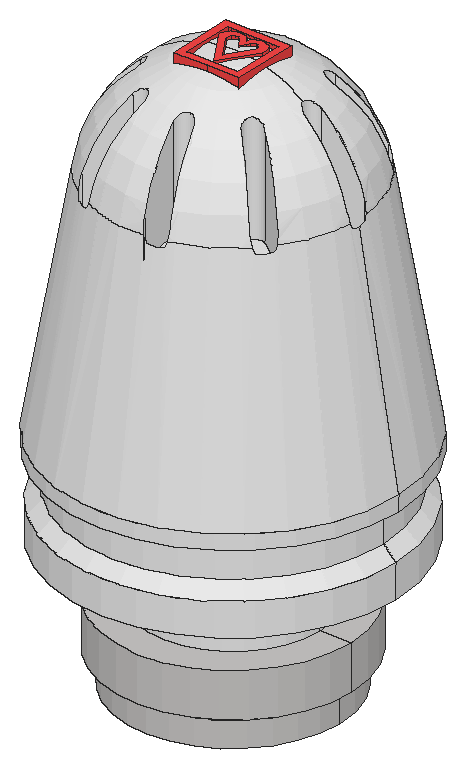
Revit family "Термостатическая головка HERZ-Design-MINI Turbo, с присоединительной резьбой М 28х1.5, 9200 13", category Rohrzubehör, Revit 2019
Family settings
  Bemaßung runder Anschluss = Durchmesser verwenden
  Teiletyp = Normal
  OmniClass-Nummer = 23.65.55.14
  OmniClass-Titel = Valves for Liquid Services
  Arbeitsebenenbasiert = Nein
  Immer vertikal = Nein
  Beim Laden mit Abzugskörper schneiden = Nein
  Gemeinsam genutzt = Nein
Parameters
  Принцип действия = "HERZ-термостатическая головка является датчиком прямого регулирования.\r\nИзменение объема жидкости в HERZ-гидросенсоре приводит в движение шток клапана."
  Область применения = "Для монтажа на всех HERZ-клапанах, предназначенных для термостатической работы."
  Номер заказа = 1920013  # constant formula
  Морозозащита = 6 °C  # constant formula
  Маховик = "Пластик, белый"  # constant formula
  Диапазон регулирования с морозозащитой = "6-30°C"  # constant formula
  Диапазон регулирования = "0-30°C"  # constant formula
  URL = "www.herz-armaturen.ru"
  S02 = 60 mm  # constant formula
  S01 = 73 mm  # constant formula
  Позиция теплового запирания "0" = "Термостатическая головка с жидкостным датчиком (гидросенсором) с позициями теплового запираниия \"0\" и морозозащиты, с ограничением и блокировкой диапазона регулирования."
  Hersteller = "HERZ Armaturen Ges.m.b.H."  # constant formula
  Позиция морозозащиты * = "Термостатическая головка с жидкостным датчиком (гидросенсором) с позицией морозозащиты и ограничением, блокировкой диапазона регулирования."
Reference planes
  plane 1 "Mitte (Vorne/hinten)": y = 0
  plane 2: z = 0
  plane 3 "Mitte (Links/rechts)": x = 0
Forms (mm)
  Revolve 1, solid, material "Kunststoff weiß", detail levels fine
    sketch origin (0, 0, 0) x (1, 0, 0) y (0, 0, 1)
      loop
        line (0, 0) -> (0, 73)
        arc (0, 73) -> (-11.397, 68.78) -> (-17.297, 58.156) r 17.5
        arc (-17.297, 58.156) -> (-20.011, 42.065) -> (-22.88, 26) r 1681.293
        line (-22.88, 26) -> (-22.88, 24) -> (-20.75, 24) -> (-20.75, 19.25) -> (-22.5, 17.5) -> (-22.5, 13) -> (-12.8, 13)
        arc (-12.8, 13) -> (-12.234, 12.766) -> (-12, 12.2) r 0.8
        line (-12, 12.2) -> (-12, 4.8) -> (-13.2, 4.8) -> (-13.2, 0) -> (0, 0)
      axis (0, 73) -> (0, 0)
    angle from 0 to 360
  Revolve 2, solid, material "Messing verzinkt", detail levels fine
    sketch origin (0, 0, 0) x (1, 0, 0) y (0, 0, 1)
      loop
        line (0, 0) -> (0, 5.5) -> (-16.35, 5.5) -> (-16.35, -0.576) -> (-14.75, -1.5) -> (-14.75, -5) -> (-13.35, -5) -> (-13.35, 0) -> (0, 0)
      axis (0, 5.5) -> (0, -5)
    angle from 0 to 360
  Extrusion 3, void
    sketch origin (0, 0, 0) x (1, 0, 0) y (0, 1, 0)
      loop
        arc (11.027, 1.298) -> (9.8, 0) -> (11.027, -1.298) r 1.3
        line (11.027, -1.298) -> (16.77, -1.62)
        arc (16.77, -1.62) -> (17.178, -1.485) -> (17.384, -1.107) r 0.586
        arc (17.384, -1.107) -> (17.453, 0.011) -> (17.382, 1.129) r 9
        arc (17.382, 1.129) -> (17.183, 1.492) -> (16.79, 1.621) r 0.564
        line (16.79, 1.621) -> (11.027, 1.298)
      loop
        line (9.282, 6.094) -> (13.904, 9.55)
        arc (13.904, 9.55) -> (14.121, 9.902) -> (14.04, 10.308) r 0.564
        arc (14.04, 10.308) -> (13.376, 11.21) -> (12.605, 12.023) r 9
        arc (12.605, 12.023) -> (12.205, 12.18) -> (11.805, 12.021) r 0.586
        line (11.805, 12.021) -> (7.613, 8.082)
        arc (7.613, 8.082) -> (7.507, 6.299) -> (9.282, 6.094) r 1.3
      loop
        arc (0.637, 11.085) -> (1.702, 9.651) -> (3.193, 10.634) r 1.3
        line (3.193, 10.634) -> (4.508, 16.234)
        arc (4.508, 16.234) -> (4.445, 16.659) -> (4.109, 16.928) r 0.586
        arc (4.109, 16.928) -> (3.02, 17.189) -> (1.907, 17.313) r 9
        arc (1.907, 17.313) -> (1.515, 17.181) -> (1.319, 16.816) r 0.564
        line (1.319, 16.816) -> (0.637, 11.085)
      loop
        line (-4.39, 10.199) -> (-6.991, 15.351)
        arc (-6.991, 15.351) -> (-7.3, 15.626) -> (-7.713, 15.617) r 0.564
        arc (-7.713, 15.617) -> (-8.717, 15.12) -> (-9.651, 14.501) r 9
        arc (-9.651, 14.501) -> (-9.875, 14.134) -> (-9.788, 13.713) r 0.586
        line (-9.788, 13.713) -> (-6.638, 8.901)
        arc (-6.638, 8.901) -> (-4.9, 8.487) -> (-4.39, 10.199) r 1.3
      loop
        arc (-10.806, 2.552) -> (-9.209, 3.352) -> (-9.918, 4.991) r 1.3
        line (-9.918, 4.991) -> (-15.204, 7.258)
        arc (-15.204, 7.258) -> (-15.634, 7.271) -> (-15.957, 6.986) r 0.586
        arc (-15.957, 6.986) -> (-16.404, 5.959) -> (-16.719, 4.884) r 9
        arc (-16.719, 4.884) -> (-16.657, 4.475) -> (-16.332, 4.219) r 0.564
        line (-16.332, 4.219) -> (-10.806, 2.552)
      loop
        line (-10.806, -2.552) -> (-16.332, -4.219)
        arc (-16.332, -4.219) -> (-16.657, -4.475) -> (-16.719, -4.884) r 0.564
        arc (-16.719, -4.884) -> (-16.404, -5.959) -> (-15.957, -6.986) r 9
        arc (-15.957, -6.986) -> (-15.634, -7.271) -> (-15.204, -7.258) r 0.586
        line (-15.204, -7.258) -> (-9.918, -4.991)
        arc (-9.918, -4.991) -> (-9.209, -3.352) -> (-10.806, -2.552) r 1.3
      loop
        arc (9.282, -6.094) -> (7.507, -6.299) -> (7.613, -8.082) r 1.3
        line (7.613, -8.082) -> (11.805, -12.021)
        arc (11.805, -12.021) -> (12.205, -12.18) -> (12.605, -12.023) r 0.586
        arc (12.605, -12.023) -> (13.376, -11.21) -> (14.04, -10.308) r 9
        arc (14.04, -10.308) -> (14.121, -9.902) -> (13.904, -9.55) r 0.564
        line (13.904, -9.55) -> (9.282, -6.094)
      loop
        line (0.637, -11.085) -> (1.319, -16.816)
        arc (1.319, -16.816) -> (1.515, -17.181) -> (1.907, -17.313) r 0.564
        arc (1.907, -17.313) -> (3.02, -17.189) -> (4.109, -16.928) r 9
        arc (4.109, -16.928) -> (4.445, -16.659) -> (4.508, -16.234) r 0.586
        line (4.508, -16.234) -> (3.193, -10.634)
        arc (3.193, -10.634) -> (1.702, -9.651) -> (0.637, -11.085) r 1.3
      loop
        arc (-4.39, -10.199) -> (-4.9, -8.487) -> (-6.638, -8.901) r 1.3
        line (-6.638, -8.901) -> (-9.788, -13.713)
        arc (-9.788, -13.713) -> (-9.875, -14.134) -> (-9.651, -14.501) r 0.586
        arc (-9.651, -14.501) -> (-8.717, -15.12) -> (-7.713, -15.617) r 9
        arc (-7.713, -15.617) -> (-7.3, -15.626) -> (-6.991, -15.351) r 0.564
        line (-6.991, -15.351) -> (-4.39, -10.199)
    from 55 to 73
Cuts and joins
  Extrusion 3 cuts Revolve 1
Lines and regions (mm)
  model lines, detail levels coarse+medium
    curve 1: line (0, 0, 0) -> (0, 0, 13)
    curve 2: line (0, -0.017, 0) -> (0, 13, 0)
    curve 3: circle (-0.018, 0, 43) r 30 normal (0, -1, 0)
    curve 4: circle (0, 0, 43) r 30 normal (1, 0, 0)
    curve 5: line (0, 0, 23) -> (0, 0, 63)
    curve 6: line (0, 17.5, 63) -> (0, -17.5, 63)
    curve 7: line (-0.018, 0, 23) -> (-0.018, 0, 63)
    curve 8: line (-17.518, 0, 63) -> (17.482, 0, 63)
    curve 9: circle (0, 43, 0) r 30 normal (0, 0, 1)
    curve 10: line (0, 63, 0) -> (0, 23, 0)
    curve 11: line (-17.5, 63, 0) -> (17.5, 63, 0)
Dimensions and locks
  "S01": curve 4 to plane 2
  "S01": curve 3 to plane 2
  "S01": plane 1 "Mitte (Vorne/hinten)" to curve 9
  "S02": diameter of curve 3
  "S02": diameter of curve 4
  "S02": diameter of curve 9
  aligned and locked: level to plane 2
Automatic sketch dimensions
  Revolve 1 sketch curve to level = 0 mm
  Revolve 1 sketch curve to plane 3 "Mitte (Links/rechts)" = 0 mm  (x2)
  Revolve 1 sketch curve to plane 3 "Mitte (Links/rechts)" = 12 mm
  Revolve 1 sketch curve to Revolve 1 sketch curve = 0.8 mm
  Revolve 1 sketch curve to Revolve 1 sketch curve = 1.2 mm
  Revolve 1 sketch curve to Revolve 1 sketch curve = 7.95 mm
  Revolve 1 sketch curve to Revolve 1 sketch curve = 1.75 mm  (x2)
  Revolve 1 sketch curve to Revolve 1 sketch curve = 2.13 mm
  level to Revolve 1 sketch curve = 329.658 mm
  Revolve 1 sketch curve to plane 3 "Mitte (Links/rechts)" = 1676.524 mm
  level to Revolve 1 sketch curve = 4.8 mm
  Revolve 1 sketch curve to Revolve 1 sketch curve = 7.4 mm
  Revolve 1 sketch curve to Revolve 1 sketch curve = 4.5 mm
  Revolve 1 sketch curve to Revolve 1 sketch curve = 4.75 mm
  Revolve 1 sketch curve to Revolve 1 sketch curve = 2 mm
  Revolve 1 sketch curve to Revolve 1 sketch curve = 29.5 mm
  Revolve 1 sketch curve to Revolve 1 sketch curve = 17.5 mm
  Revolve 1 sketch curve to level = 366.045 mm
  Revolve 1 sketch curve to Revolve 1 sketch curve = 2141.315 mm
  Revolve 2 sketch curve to level = 0 mm
  Revolve 2 sketch curve to plane 3 "Mitte (Links/rechts)" = 0 mm  (x2)
  Revolve 2 sketch curve to level = 5 mm
  Revolve 2 sketch curve to plane 3 "Mitte (Links/rechts)" = 13.35 mm
  Revolve 2 sketch curve to Revolve 2 sketch curve = 1.4 mm
  Revolve 2 sketch curve to level = 0.576 mm
  Revolve 2 sketch curve to Revolve 2 sketch curve = 1.6 mm
  Revolve 2 sketch curve to level = 1.5 mm
  level to Revolve 2 sketch curve = 5.5 mm
  Revolve 2 sketch curve to Revolve 2 sketch curve = 361.045 mm
  Revolve 2 sketch curve to Revolve 2 sketch curve = 2208.815 mm
  plane 1 "Mitte (Vorne/hinten)" to Extrusion 3 sketch curve = 0 mm  (x2)
  Extrusion 3 sketch curve to plane 1 "Mitte (Vorne/hinten)" = 4.219 mm
  Extrusion 3 sketch curve to plane 3 "Mitte (Links/rechts)" = 16.332 mm
  plane 1 "Mitte (Vorne/hinten)" to Extrusion 3 sketch curve = 4.219 mm
  Extrusion 3 sketch curve to Extrusion 3 sketch curve = 0 mm  (x11)
  Extrusion 3 sketch curve to Extrusion 3 sketch curve = 0.163 mm  (x2)
  Extrusion 3 sketch curve to Extrusion 3 sketch curve = 0.734 mm  (x2)
  plane 1 "Mitte (Vorne/hinten)" to Extrusion 3 sketch curve = 7.258 mm
  Extrusion 3 sketch curve to Extrusion 3 sketch curve = 0.231 mm  (x2)
  Extrusion 3 sketch curve to plane 1 "Mitte (Vorne/hinten)" = 7.258 mm
  plane 1 "Mitte (Vorne/hinten)" to Extrusion 3 sketch curve = 2.552 mm
  Extrusion 3 sketch curve to Extrusion 3 sketch curve = 5.526 mm
  Extrusion 3 sketch curve to plane 1 "Mitte (Vorne/hinten)" = 2.552 mm
  Extrusion 3 sketch curve to Extrusion 3 sketch curve = 0.375 mm  (x2)
  Extrusion 3 sketch curve to Extrusion 3 sketch curve = 0.512 mm  (x2)
  Extrusion 3 sketch curve to Extrusion 3 sketch curve = 5.416 mm  (x2)
  Extrusion 3 sketch curve to Extrusion 3 sketch curve = 0.49 mm  (x2)
  Extrusion 3 sketch curve to Extrusion 3 sketch curve = 2.488 mm  (x2)
  Extrusion 3 sketch curve to Extrusion 3 sketch curve = 1.803 mm  (x2)
  Extrusion 3 sketch curve to Extrusion 3 sketch curve = 0.504 mm  (x2)
  Extrusion 3 sketch curve to Extrusion 3 sketch curve = 3.281 mm  (x2)
  Extrusion 3 sketch curve to Extrusion 3 sketch curve = 1.088 mm  (x2)
  Extrusion 3 sketch curve to Extrusion 3 sketch curve = 1.16 mm  (x2)
  Extrusion 3 sketch curve to Extrusion 3 sketch curve = 1.324 mm  (x2)
  plane 3 "Mitte (Links/rechts)" to Extrusion 3 sketch curve = 0.637 mm  (x2)
  plane 3 "Mitte (Links/rechts)" to Extrusion 3 sketch curve = 1.319 mm  (x2)
  plane 3 "Mitte (Links/rechts)" to Extrusion 3 sketch curve = 1.468 mm  (x2)
  Extrusion 3 sketch curve to Extrusion 3 sketch curve = 0.561 mm  (x2)
  Extrusion 3 sketch curve to Extrusion 3 sketch curve = 1.291 mm  (x2)
  Extrusion 3 sketch curve to Extrusion 3 sketch curve = 1.266 mm  (x2)
  Extrusion 3 sketch curve to Extrusion 3 sketch curve = 2.058 mm  (x2)
  Extrusion 3 sketch curve to Extrusion 3 sketch curve = 0.57 mm  (x2)
  Extrusion 3 sketch curve to Extrusion 3 sketch curve = 5.007 mm  (x2)
  Extrusion 3 sketch curve to Extrusion 3 sketch curve = 1.138 mm  (x2)
  Extrusion 3 sketch curve to Extrusion 3 sketch curve = 1.978 mm
  Extrusion 3 sketch curve to Extrusion 3 sketch curve = 0.89 mm  (x2)
  Extrusion 3 sketch curve to Extrusion 3 sketch curve = 0.779 mm  (x2)
  plane 1 "Mitte (Vorne/hinten)" to Extrusion 3 sketch curve = 1.298 mm
  Extrusion 3 sketch curve to Extrusion 3 sketch curve = 2.575 mm
  Extrusion 3 sketch curve to Extrusion 3 sketch curve = 0.073 mm
  Extrusion 3 sketch curve to Extrusion 3 sketch curve = 4.192 mm  (x2)
  Extrusion 3 sketch curve to Extrusion 3 sketch curve = 0.401 mm  (x2)
  Extrusion 3 sketch curve to Extrusion 3 sketch curve = 1.36 mm  (x2)
  Extrusion 3 sketch curve to Extrusion 3 sketch curve = 0.338 mm  (x2)
  plane 1 "Mitte (Vorne/hinten)" to Extrusion 3 sketch curve = 1.62 mm
  Extrusion 3 sketch curve to Extrusion 3 sketch curve = 5.743 mm
  Extrusion 3 sketch curve to plane 1 "Mitte (Vorne/hinten)" = 1.621 mm
  Extrusion 3 sketch curve to Extrusion 3 sketch curve = 0.02 mm
  Extrusion 3 sketch curve to Extrusion 3 sketch curve = 0.033 mm
  Extrusion 3 sketch curve to Extrusion 3 sketch curve = 0.032 mm
  plane 1 "Mitte (Vorne/hinten)" to Extrusion 3 sketch curve = 7.32 mm
  Extrusion 3 sketch curve to Extrusion 3 sketch curve = 6.784 mm
  Extrusion 3 sketch curve to Extrusion 3 sketch curve = 1.004 mm
  Extrusion 3 sketch curve to Extrusion 3 sketch curve = 1.581 mm  (x2)
  Extrusion 3 sketch curve to Extrusion 3 sketch curve = 1.468 mm
  Extrusion 3 sketch curve to Extrusion 3 sketch curve = 0.712 mm  (x2)
  Extrusion 3 sketch curve to Extrusion 3 sketch curve = 0.452 mm  (x2)
  Extrusion 3 sketch curve to Extrusion 3 sketch curve = 2.31 mm  (x2)
  Extrusion 3 sketch curve to Extrusion 3 sketch curve = 0.297 mm  (x2)
  Extrusion 3 sketch curve to Extrusion 3 sketch curve = 1.591 mm  (x2)
  Extrusion 3 sketch curve to Extrusion 3 sketch curve = 0.427 mm  (x2)
  Extrusion 3 sketch curve to Extrusion 3 sketch curve = 4.812 mm  (x2)
  Extrusion 3 sketch curve to Extrusion 3 sketch curve = 0.321 mm  (x2)
  Extrusion 3 sketch curve to Extrusion 3 sketch curve = 1.063 mm  (x2)
  Extrusion 3 sketch curve to Extrusion 3 sketch curve = 0.254 mm  (x2)
  Extrusion 3 sketch curve to Extrusion 3 sketch curve = 5.599 mm  (x2)
  Extrusion 3 sketch curve to Extrusion 3 sketch curve = 0.134 mm  (x2)
  Extrusion 3 sketch curve to Extrusion 3 sketch curve = 0.382 mm  (x2)
  Extrusion 3 sketch curve to Extrusion 3 sketch curve = 0.067 mm  (x2)
  Extrusion 3 sketch curve to Extrusion 3 sketch curve = 0.947 mm
  Extrusion 3 sketch curve to Extrusion 3 sketch curve = 0.539 mm  (x2)
  Extrusion 3 sketch curve to Extrusion 3 sketch curve = 1.702 mm
  Extrusion 3 sketch curve to Extrusion 3 sketch curve = 2.439 mm
  Extrusion 3 sketch curve to Extrusion 3 sketch curve = 0.54 mm  (x2)
  Extrusion 3 sketch curve to Extrusion 3 sketch curve = 0.905 mm
  Extrusion 3 sketch curve to Extrusion 3 sketch curve = 0.585 mm
  Extrusion 3 sketch curve to Extrusion 3 sketch curve = 0.564 mm
  Extrusion 3 sketch curve to Extrusion 3 sketch curve = 0.339 mm
  Extrusion 3 sketch curve to Extrusion 3 sketch curve = 1.245 mm
  Extrusion 3 sketch curve to plane 1 "Mitte (Vorne/hinten)" = 5.433 mm
  Extrusion 3 sketch curve to Extrusion 3 sketch curve = 0.661 mm
  Extrusion 3 sketch curve to Extrusion 3 sketch curve = 1.041 mm
  Extrusion 3 sketch curve to Extrusion 3 sketch curve = 4.429 mm
  Extrusion 3 sketch curve to Extrusion 3 sketch curve = 2.891 mm
  Extrusion 3 sketch curve to Extrusion 3 sketch curve = 3.456 mm
  Extrusion 3 sketch curve to plane 1 "Mitte (Vorne/hinten)" = 1.298 mm  (x2)
  curve 5 to plane 1 "Mitte (Vorne/hinten)" = 0 mm
  curve 4 to plane 1 "Mitte (Vorne/hinten)" = 0 mm
  plane 1 "Mitte (Vorne/hinten)" to curve 6 = 17.5 mm
  curve 5 to curve 6 = 17.5 mm
  curve 5 to curve 4 = 20 mm
  curve 4 to curve 6 = 20 mm
  curve 1 to plane 3 "Mitte (Links/rechts)" = 0 mm
  curve 1 to level = 0 mm
  curve 3 to plane 3 "Mitte (Links/rechts)" = 0.018 mm
  curve 7 to plane 3 "Mitte (Links/rechts)" = 0.018 mm
  curve 8 to curve 7 = 17.5 mm
  plane 3 "Mitte (Links/rechts)" to curve 8 = 17.482 mm
  curve 1 to curve 7 = 10 mm
  curve 3 to curve 8 = 20 mm
  curve 9 to plane 3 "Mitte (Links/rechts)" = 0 mm
  curve 10 to plane 3 "Mitte (Links/rechts)" = 0 mm
  curve 2 to plane 3 "Mitte (Links/rechts)" = 0 mm
  curve 11 to curve 10 = 17.5 mm
  plane 3 "Mitte (Links/rechts)" to curve 11 = 17.5 mm
  plane 1 "Mitte (Vorne/hinten)" to curve 2 = 0.017 mm
  curve 2 to curve 10 = 10 mm
  curve 9 to curve 11 = 20 mm
Nested families
  nested 1: "Herz-Logo" at (0, 0, 71.5), type "Herz-Logo", detail levels fine
Definition of nested family "Herz-Logo"
  Reference planes
    plane 1 "Mitte (Vorne/hinten)": y = 0
    plane 2: z = 0
    plane 3 "Mitte (Links/rechts)": x = 0
  Forms (mm)
    Extrusion 1, solid
      sketch origin (0, 0, 0) x (1, 0, 0) y (0, 1, 0)
        loop
          line (-0.018, -4.517) -> (4.482, -4.517) -> (4.482, 4.483) -> (-4.518, 4.483) -> (-4.518, -4.517) -> (-0.018, -4.517)
        loop
          line (-0.05, -3.48) -> (3.482, -3.48) -> (3.482, 3.483) -> (-3.518, 3.483) -> (-3.518, -3.48) -> (-0.05, -3.48)
        loop
          arc (-0.018, 2.383) -> (-1.543, 3.287) -> (-3.067, 2.383) r 1.738
          arc (-3.067, 2.383) -> (-3.191, 1.899) -> (-3.067, 1.415) r 1.009
          line (-3.067, 1.415) -> (-0.018, -3.281) -> (3.032, 1.415)
          arc (3.032, 1.415) -> (3.156, 1.899) -> (3.032, 2.383) r 1.009
          arc (3.032, 2.383) -> (1.507, 3.287) -> (-0.018, 2.383) r 1.738
        loop
          arc (1.885, 1.272) -> (2.005, 1.675) -> (1.885, 2.079) r 0.74
          arc (1.885, 2.079) -> (1.265, 2.416) -> (0.644, 2.079) r 0.74
          line (0.644, 2.079) -> (-0.018, 0.97) -> (-0.679, 2.079)
          arc (-0.679, 2.079) -> (-1.3, 2.416) -> (-1.921, 2.079) r 0.74
          arc (-1.921, 2.079) -> (-2.04, 1.675) -> (-1.921, 1.272) r 0.74
          line (-1.921, 1.272) -> (-0.018, -1.658) -> (1.885, 1.272)
      from 0 to 1.5
  Dimensions and locks
    aligned and locked: level to plane 2
